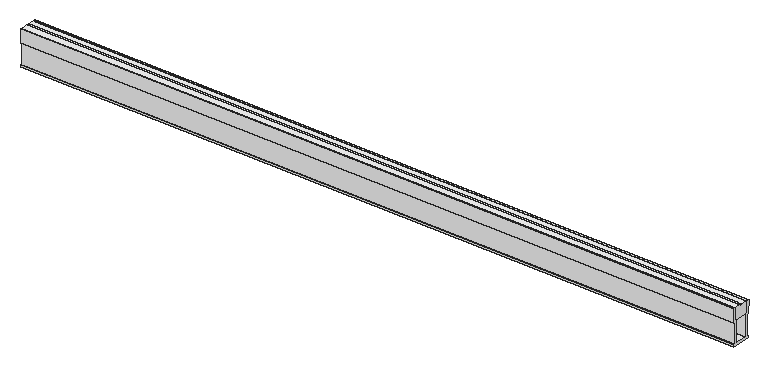
Revit family "4070765+4070745 Feilo Sylvania Lighting Fixture CURSUS 1161MM 827LM OVAL LED 3K with FRAMED ROUGH IN HOUSING", category Lighting Fixtures, host Face, Revit 2017
Family settings
  Host = Face
  Round Connector Dimension = Use Diameter
  Part Type = Normal
  OmniClass Number = 23.80.70.14
  OmniClass Title = Luminaries for External Lighting
  Cut with Voids When Loaded = Yes
  Light Source = Yes
  Shared = No
  Room Calculation Point = No
Parameters (values of type "4070765 CURSUS 1161MM 827LM OVAL LED 3K")
  Width = 30 mm
  Weight = "2.2 kg"
  Wattage Comments = "n/a"
  Wattage = 18 W
  WarrantyStartDate [instance] = "n/a"
  WarrantyGuarantorParts = "n/a"
  WarrantyDurationUnit = "n/a"
  WarrantyDurationParts = "n/a"
  WarrantyDescription = "n/a"
  built-in parameter 1150110 = 1 (stored number, unit not read)
  Voltage = 24 V
  URL = "http://www.sylvania-lighting.com"
  TypeName = "CURSUS 1161MM 827LM OVAL LED 3K"
  Type Image = <None>
  Type Comments = "n/a"
  built-in parameter 1114217 = 1 (stored number, unit not read)
  Tilt Angle = -90.00°
  built-in parameter 1150109 = 1 (stored number, unit not read)
  built-in parameter 1150134 = (empty or 0)
  built-in parameter 1150113 = 1 (stored number, unit not read)
  SerialNumber [instance] = "n/a"
  Material_3_FEILO = none
  PowerFactor = 0
  PowerConsumption = "18 W"
  Photometric Web File = "4070765.ies"
  NominalLength = 1161 mm
  NominalHeight = 50 mm
  NominalDepth = Width  # 30 mm
  Name = "CURSUS 1161MM 827LM OVAL LED 3K"
  ModelReference = Name  # "CURSUS 1161MM 827LM OVAL LED 3K"
  ModelNumber = "4070765"
  Model = Name  # "CURSUS 1161MM 827LM OVAL LED 3K"
  Material = "natural anodised extruded aluminium structure housing, optical system with pmma lenses diffuser"
  ManufacturerName = "Feilo Sylvania"
  Manufacturer = "Feilo Sylvania"
  LuminousEfficacy = "45.94 lm/W"
  built-in parameter 1150105 = 1166.5 (stored number, unit not read)
  Lumens = 827 lm
  LuminaireType = ""
  built-in parameter 1150115 = 1 (stored number, unit not read)
  LightOutputRatio = "100"
  built-in parameter 1150137 = (empty or 0)
  built-in parameter 1150139 = (empty or 0)
  LengthVoidExtrusionRight [instance] = if(EndCapRight, Length / 2, Length / 2 - 2.5 mm)  # 581 mm
  LengthVoidExtrusionLeft [instance] = if(EndCapLeft, Length / 2, Length / 2 - 2.5 mm)  # 581 mm
  Length = 1167 mm
  LampsType = Lamp  # "LED"
  LampNominalLuminous = "827 lm"
  LampMacAdamStep = "n/a"
  LampColourTemperature = "3000 K"
  LampColourRenderingIndex = "80"
  built-in parameter 1150112 = 1 (stored number, unit not read)
  built-in parameter 1150114 = 1 (stored number, unit not read)
  Lamp = "LED"
  Keynote = "16500"
  InstallationDate [instance] = "n/a"
  InputVoltage = "24V DC"
  InputNominalFrequency = "n/a"
  built-in parameter 1150132 = (empty or 0)
  built-in parameter 1150102 = (empty or 0)
  built-in parameter 1150107 = 3000 (stored number, unit not read)
  built-in parameter 1150138 = (empty or 0)
  IngressProtection = "IP67"
  ImpactProtectionIndex = "IK07"
  built-in parameter 1150106 = 11.665 (stored number, unit not read)
  IfcExportType = "IfcLightFixtureType"
  IfcExportAs = "IfcLightFixtureType"
  ExpectedLife = 50000
  EndCapRight [instance] = no
  EndCapLeft [instance] = no
  Emit from Rectangle Width = Width - 6 mm  # 24 mm
  Emit from Rectangle Length = Length - 6 mm  # 1161 mm
  Emit Shape Visible in Rendering = no
  ElectricShockClassification = "Class III"
  built-in parameter 1150104 = 4.2684 (stored number, unit not read)
  DurationUnit = "hours"
  DocumentationLiterature = "http://www.sylvania-lighting.com/product/en-int/products/4070765"
  DimmingControlOptions = "n/a"
  Dimming Lamp Color Temperature Shift = <None>
  Material_2_FEILO = Diffuser-Sylvania-Glow
  Description = "LED Exterior Lighting Recessed Surface Mounted Linear Fixture, Natural anodised extruded aluminium structure. Die-cast aluminium end caps. Installation kit with harmonic steel springs., 827 lm, 18W, 45lm/W, 3000K, CRI80+,non dimmable,IP67, IK07, (HxWxD) 1161x50x30mm, 3 step Mac Adam Ellipse, 2.2kg,, Classe III, 21-25V-DC, energy class : A++, A+, A"
  Default Elevation = 1219.2 mm
  CreatedOn = "1/8/2018"
  CreatedBy = ""
  Cost = 0
  Color Filter = 16777215
  built-in parameter 1114216 [instance] = (empty or 0)
  ClassificationValue = "EF_70_80"
  ClassificationName = "Uniclass2015"
  Material_1_FEILO = Body-Sylvania-Gray
  BarCode [instance] = "n/a"
  built-in parameter 1114218 = 1 (stored number, unit not read)
  built-in parameter 1150133 = 10 (stored number, unit not read)
  AssetType = "Fixed"
  AssetIdentifier [instance] = "n/a"
  Assembly Code = "D5020200"
  Apparent Load = 18 VA
  Material_4_FEILO = Diffuser-Sylvania-Glow
Reference planes
  plane 1 "Center (Front/Back)": y = 0
  plane 2: z = 0
  plane 3 "Center (Left/Right)": x = 0
  plane 4: y = 15
  plane 5: y = -15
  plane 6: x = 583.5
  plane 7: x = -583.5
  plane 8: x = -581
  plane 9: y = 12.5
  plane 10: y = -12.5
  plane 11: x = 581
  plane 12: z = -55
  plane 13: z = -52.5
  plane 14: z = -2
  plane 15: y = -10
  plane 16: z = -18
  plane 17: z = -20.5
  plane 18: y = 10
Forms (mm)
  Extrusion 1, solid, material "Body-Sylvania-Gray" <- "Material_1_FEILO"
    sketch origin (0, 0, -32.5) x (0, 1, 0) y (0, 0, 1)
      loop
        line (15, -22.5) -> (15, -20) -> (12.5, -20) -> (12.5, 12) -> (15, 12) -> (15, 32.5) -> (12.5, 32.5) -> (12.5, 14.5) -> (10, 14.5) -> (10, -20) -> (-10, -20) -> (-10, 14.5) -> (-12.5, 14.5) -> (-12.5, 32.5) -> (-15, 32.5) -> (-15, 12) -> (-12.5, 12) -> (-12.5, -20) -> (-15, -20) -> (-15, -22.5) -> (15, -22.5)
    from -581 to 581
  Extrusion 2, solid, material "Body-Sylvania-Gray" <- "Material_1_FEILO", visible <- "EndCapRight"
    sketch origin (583.5, 1524, 1219.2) x (0, 1, 0) y (0, 0, 1)
      loop
        line (-1539, -1274.2) -> (-1509, -1274.2) -> (-1509, -1219.2) -> (-1539, -1219.2) -> (-1539, -1274.2)
    from 0 to -2.5
  Extrusion 3, solid, material "Body-Sylvania-Gray" <- "Material_1_FEILO", visible <- "EndCapLeft"
    sketch origin (-583.5, 1524, 1219.2) x (0, 1, 0) y (0, 0, 1)
      loop
        line (-1539, -1274.2) -> (-1509, -1274.2) -> (-1509, -1219.2) -> (-1539, -1219.2) -> (-1539, -1274.2)
    from 0 to 2.5
  Extrusion 4, solid, material "Diffuser-Sylvania-Glow" <- "Material_2_FEILO"
    sketch origin (0, 0, 0) x (0, 1, 0) y (0, 0, 1)
      loop
        line (-12.5, 0) -> (-12.5, -18) -> (12.5, -18) -> (12.5, 0) -> (2, 0) -> (0, -2) -> (-2, 0) -> (-12.5, 0)
    from -581 to 581
  Extrusion 5, void
    sketch origin (0, 0, 0) x (1, 0, 0) y (0, 1, 0)
      loop
        line (-581, 15) -> (-581, -15) -> (581, -15) -> (581, 15) -> (-581, 15)
    from 0 to -55
Dimensions and locks
  equal spacing: plane 5, plane 1 "Center (Front/Back)", plane 4
  equal spacing: plane 7, plane 3 "Center (Left/Right)", plane 6
  "Length": plane 7 to plane 6
  equal spacing: plane 8, plane 3 "Center (Left/Right)", plane 11
  equal spacing: plane 10, plane 1 "Center (Front/Back)", plane 9
  locked: plane 5 to plane 10 at 2.5
  "Width": plane 5 to plane 4
  locked: plane 2 to plane 12 at 55
  locked: plane 12 to plane 13 at 2.5
  "LengthVoidExtrusionLeft": Extrusion 5 sketch curve to plane 3 "Center (Left/Right)"
  "LengthVoidExtrusionRight": plane 3 "Center (Left/Right)" to Extrusion 5 sketch curve
  plane 2 to plane 14 = 2 mm
  locked: plane 7 to plane 8 at 2.5
  locked: plane 2 to plane 16 at 18
  locked: plane 17 to plane 16 at 2.5
  equal spacing: plane 15, plane 1 "Center (Front/Back)", plane 18
  locked: plane 10 to plane 15 at 2.5
  locked: plane 14 to Extrusion 4 sketch curve (angle 45.00°)
  locked: Extrusion 4 sketch curve to plane 14 (angle 45.00°)
  aligned and locked: plane 2 to host face
  aligned and locked: level to host face
  aligned and locked: plane 4 to Extrusion 1 sketch curve
  aligned and locked: Extrusion 1 sketch curve to plane 5
  aligned and locked: plane 10 to Extrusion 1 sketch curve  (x2)
  aligned and locked: Extrusion 1 sketch curve to plane 9  (x2)
  aligned and locked: plane 8 to Extrusion 3
  aligned and locked: Extrusion 3 to plane 7
  aligned and locked: Extrusion 4 to plane 8
  aligned and locked: plane 11 to Extrusion 4
  aligned and locked: imposter light to plane 1 "Center (Front/Back)"
  aligned and locked: plane 3 "Center (Left/Right)" to imposter light
  aligned and locked: plane 12 to Extrusion 1
  aligned and locked: Extrusion 1 to plane 13
  aligned and locked: level to Extrusion 1  (x2)
  aligned and locked: plane 2 to imposter light
  aligned and locked: plane 11 to Extrusion 1
  aligned and locked: Extrusion 1 to plane 8
  aligned and locked: plane 12 to Extrusion 3 sketch curve
  aligned and locked: plane 5 to Extrusion 3 sketch curve
  aligned and locked: Extrusion 3 sketch curve to plane 4
  aligned and locked: Extrusion 2 sketch curve to plane 4
  aligned and locked: plane 5 to Extrusion 2 sketch curve
  aligned and locked: plane 12 to Extrusion 2 sketch curve
  aligned and locked: plane 9 to Extrusion 4 sketch curve
  aligned and locked: Extrusion 4 sketch curve to plane 10
  aligned and locked: Extrusion 5 sketch curve to plane 4
  aligned and locked: plane 5 to Extrusion 5 sketch curve
  aligned and locked: Extrusion 5 to Extrusion 1
  aligned and locked: level to Extrusion 5
  aligned and locked: plane 14 to Extrusion 4 sketch curve
  aligned and locked: Extrusion 4 sketch curve to plane 16
  aligned and locked: Extrusion 1 sketch curve to Extrusion 1 sketch curve  (x3)
  aligned and locked: Extrusion 1 sketch curve to Extrusion 4
  aligned and locked: plane 15 to Extrusion 1 sketch curve
  aligned and locked: plane 17 to Extrusion 1 sketch curve
  aligned and locked: plane 5 to Extrusion 1 sketch curve
  aligned and locked: Extrusion 1 sketch curve to plane 16
  aligned and locked: plane 18 to Extrusion 1 sketch curve
  aligned and locked: Extrusion 1 sketch curve to plane 17
  aligned and locked: Extrusion 1 sketch curve to Extrusion 2
Automatic sketch dimensions
  host sketch curve to host sketch curve = 2438.4 mm  (x2)
  Extrusion 3 sketch curve to level = 0 mm
  Extrusion 2 sketch curve to level = 0 mm
  Extrusion 4 sketch curve to level = 0 mm  (x2)
  Extrusion 4 sketch curve to plane 1 "Center (Front/Back)" = 0 mm
  plane 12 to Extrusion 1 sketch curve = 0 mm
  plane 13 to Extrusion 1 sketch curve = 0 mm
  Extrusion 1 sketch curve to level = 0 mm  (x2)
Connectors
  electrical at (0, 0, 0), driven by "Apparent Load", driven by "PowerFactor", driven by "Voltage"
    settings: index 1, voltage 24 V, apparent load 18 VA, apparent load phase1 0 VA, apparent load phase2 0 VA, apparent load phase3 0 VA, power factor 0, load classification "Lighting", number of poles 1, system type 30, power factor state 1, is connector primary yes, connector utility no, sub classification motor no, connector description ""
